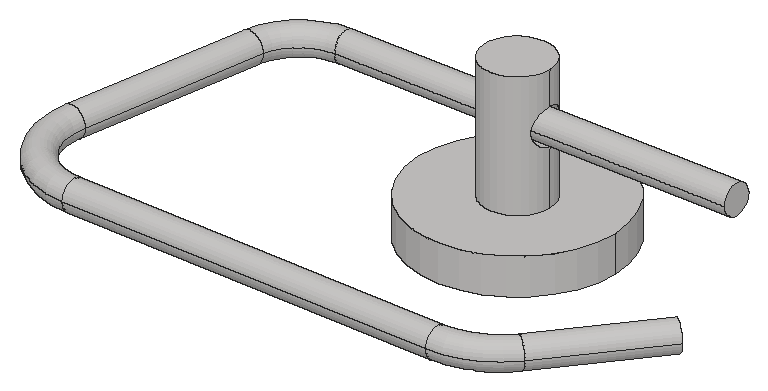
Revit family "Furniture_GroheLimited_Essentials_ToiletPaperHolder_40689001_METRIC", category Furniture, host Face, Revit 2015
Parameters (values of type "40689001")
  _DistributedBy = "www.bimstore.co.uk"
  _CurrentRevision = 1
  _CreatedBy = "www.bimstore.co.uk"
  _BimSpecGuid = 0
  _BSBibleVersion = 14
  _AuthorizedBy = "Kris Atkinson"
  _Author = "RW"
  Waste Connection = no
  WarrantyStartDate [instance] = "Please Record On Commissioning."
  WarrantyGuarantorParts = "info-uk@grohe.com"
  WarrantyGuarantorLabor = "info-uk@grohe.com"
  WarrantyDurationUnit = "Years"
  WarrantyDurationParts = "n/a"
  WarrantyDurationLabor = "n/a"
  WarrantyDescription = "n/a"
  WFU = 0
  Vent Connection = no
  URL = "www.grohe.com"
  TypeName = "Essentials Toilet paper holder"
  Type Comments = "40689001"
  ToiletPaper = Grohe-Toilet Paper
  SpareParts = "n/a"
  Size = "n/a"
  Shape = "n/a"
  SerialNumber [instance] = "Please Record On Commissioning."
  ReplacementCost = "n/a"
  ReferencedStandard = "n/a"
  ProductionYear = "2017"
  ProductPageURL = "https://www.grohe.co.uk/en_gb/essentials-toilet-roll-holder-40689001.html"
  ProductDocumentationLink = "https://cdn.cloud.grohe.com/tpi/1000/1900/1930/1937/1937792/original/1937792.pdf"
  PrimaryMaterial = GroheLimited-Chrome
  PipeMaterial = GroheLimited-Pipework
  PercentageOfRecycledContent = "n/a"
  PaperRoll [instance] = no
  NominalLength = 54 mm
  NominalHeight = 119 mm
  NominalDepth = 44 mm
  NBSReference = "45-35-72/368"
  NBSOfficeMasterTag = "n/a"
  NBSObjectName = "Grohe Limited - Toilet roll holders"
  NBSNote = ""
  NBSDescription = "Toilet roll holders"
  ModelReference = "Essentials Toilet paper holder"
  ModelNumber = "40689001"
  Model = "Essentials Toilet paper holder"
  Material = "Chrome"
  MasterformatTitle = "Sanitary Facilities"
  MasterformatNumber = "01 52 19"
  ManufacturerName = "Grohe Limited"
  Manufacturer = "Grohe Limited"
  LowEmittingMaterial = no
  LEEDCredit = "n/a"
  Keynote = "N13"
  InstallationDate [instance] = "Please Record On Commissioning."
  IndustryStandards = "n/a"
  IfcExportType = "IfcPipeFittingType"
  IfcExportAs = "IfcPipeFitting"
  HotWaterConnectionDiameter = 10 mm
  HWFU = 4.5
  HW Connection = no
  Grade = "n/a"
  Finish = "Chrome"
  Features = "Essentials Toilet paper holder material: metal without cover concealed fastening GROHE StarLight chrome finish"
  ExpectedLife = 0
  Ecojoy = no
  DurationUnit = "Years"
  DocumentationTechnical = "n/a"
  DocumentationMaintenance = "n/a"
  DocumentationLiterature = "n/a"
  DocumentationInstallationGuide = "n/a"
  DocumentationCertificates = "n/a"
  Description = "Essentials Toilet paper holder material: metal without cover concealed fastening GROHE StarLight chrome finish"
  Default Elevation = 0 mm
  CreatedOn = "2017-06-01T09:00:00"
  CreatedBy = "info-uk@grohe.com"
  Cost = 0
  Constituents = "n/a"
  Color = "Chrome"
  ColdWaterConnectionDiameter = 10 mm
  CodePerformance = "n/a"
  ClassificationValue = "Pr_40_20_76_88"
  ClassificationName = "Uniclass2015"
  CWFU = 4.5
  CW Connection = no
  BarCode [instance] = "Please Record On Commissioning."
  BIMObjectName = "Furniture_GroheLimited_Essentials_ToiletPaperHolder_40689001_METRIC"
  AssetType = "Fixed"
  AssetIdentifier [instance] = "Please Record On Commissioning."
  Assembly Code = "D2010"
  AccessibilityPerformance = "n/a"
  ADACompliant = no
Types (10, lengths in mm): name | Type Comments | PrimaryMaterial | ModelNumber | Material | Finish | Color
  (no name) | "40689001" | GroheLimited-Chrome | "40689001" | "Chrome" | "Chrome" | "Chrome"
  40689001 | "40689001" | GroheLimited-Chrome | "40689001" | "Chrome" | "Chrome" | "Chrome"
  40689DA1 | "40689DA1" | GroheLimited-WarmSunset | "40689DA1" | "Warm Sunset" | "Warm Sunset" | "Warm Sunset"
  40689GL1 | "40689GL1" | GroheLimited-CoolSunrise | "40689GL1" | "Cool Sunrise" | "Cool Sunrise" | "Cool Sunrise"
  40689GN1 | "40689GN1" | GroheLimited-BrushedCoolSunrise | "40689GN1" | "Brushed Cool Sunrise" | "Brushed Cool Sunrise" | "Brushed Cool Sunrise"
  40689DL1 | "40689DL1" | GroheLimited-BrushedWarmSunset | "40689DL1" | "Brushed Warm Sunset" | "Brushed Warm Sunset" | "Brushed Warm Sunset"
  40689A01 | "40689A01" | GroheLimited-HardGraphite | "40689A01" | "Hard Graphite" | "Hard Graphite" | "Hard Graphite"
  40689AL1 | "40689AL1" | GroheLimited-BrushedHardGraphite | "40689AL1" | "Brushed Hard Graphite" | "Brushed Hard Graphite" | "Brushed Hard Graphite"
  40689BE1 | "40689BE1" | GroheLimited-Nickel | "40689BE1" | "Polished Nickel" | "Polished Nickel" | "Polished Nickel"
  40689EN1 | "40689EN1" | GroheLimited-BrushedNickel | "40689EN1" | "Brushed Nickel" | "Brushed Nickel" | "Brushed Nickel"
Reference planes
  plane 1 "Center (Front/Back)": y = 0
  plane 2: z = 0
  plane 3 "Center (Left/Right)": x = 0
  plane 4: z = 0
  plane 5 "Logo": z = 10
Forms (mm)
  Sweep 1, solid, material "GroheLimited-Chrome" <- "PrimaryMaterial"
    path in 3D
      loop
        line (60.265, 0, 30) -> (-47.056, 0, 30)
        arc (-47.056, 0, 30) -> (-57.246, -3.664, 30) -> (-62.768, -12.977, 30) r 16
        line (-62.768, -12.977, 30) -> (-72.254, -62.282, 30)
        arc (-72.254, -62.282, 30) -> (-67.929, -79.494, 30) -> (-51.965, -87.247, 30) r 21
        line (-51.965, -87.247, 30) -> (49.137, -88.851, 30)
        arc (49.137, -88.851, 30) -> (58.376, -86.872, 30) -> (65.812, -81.043, 30) r 21
        line (65.812, -81.043, 30) -> (87.503, -54.168, 30)
    profile origin (6.604, 0, 30) x (0, -1, 0) y (0, 0, 1)
      loop
        circle (0, 0) r 4
  Extrusion 2, solid, material "GroheLimited-Chrome" <- "PrimaryMaterial"
    sketch origin (0.415, 0.905, 10) x (1, 0, 0) y (0, 1, 0)
      loop
        circle (-0.415, -0.905) r 9
    from 0 to 34
  Extrusion 3, void
    sketch origin (0.415, 0.905, 0) x (0, 1, 0) y (0, 0, 1)
      loop
        circle (-0.92, 30) r 5
    from -90.135 to 70.136
  Extrusion 4, solid, material "GroheLimited-Chrome" <- "PrimaryMaterial"
    sketch origin (0, 0, 0) x (1, 0, 0) y (0, 1, 0)
      loop
        circle (0, 0) r 27
    from 0 to 10
  Extrusion 5, solid, material "Grohe-Toilet Paper" <- "ToiletPaper", visible <- "PaperRoll", detail levels medium+fine
    sketch origin (0, 0, 0) x (0, 1, 0) y (0, 0, 1)
      loop
        circle (-88.854, 30) r 5
      loop
        arc (-88.854, 1) -> (-83.468, 58.496) -> (-99.437, 3) r 29
        line (-99.437, 3) -> (-125.749, 3) -> (-125.749, 1) -> (-88.854, 1)
    from -50.2 to 49.9
Cuts and joins
  Extrusion 3 cuts Extrusion 2
Lines and regions (mm)
  model lines, not visible, detail levels fine
    curve 1: circle (104.751, -15.868, 4.529) r 1.391 normal (-1, 0, 0)
    curve 2: line (104.751, -14.477, 8.734) -> (104.751, -17.259, 8.734)
    curve 3: line (104.751, -17.259, 8.734) -> (104.751, -17.259, 7.668)
    curve 4: line (104.751, -15.868, 7.668) -> (104.751, -15.868, 8.734)
    curve 5: line (104.751, -14.477, 6.778) -> (104.751, -15.868, 7.668)
    curve 6: arc (104.751, -15.868, 7.668) -> (104.751, -16.564, 6.972) -> (104.751, -17.259, 7.668) r 0.696
    curve 7: arc (104.751, -17.089, 9.568) -> (104.751, -16.213, 11.583) -> (104.751, -14.477, 10.236) r 1.391
    curve 8: line (104.751, -14.477, 9.568) -> (104.751, -14.477, 10.236)
    curve 9: line (104.751, -14.477, 9.568) -> (104.751, -15.583, 9.568)
    curve 10: line (104.751, -14.477, 2.303) -> (104.751, -17.259, 2.303)
    curve 11: line (104.751, -15.868, 2.303) -> (104.751, -15.868, 0.347)
    curve 12: line (104.751, -14.477, -0.488) -> (104.751, -17.259, -0.488)
    curve 13: line (104.751, -17.259, -0.488) -> (104.751, -17.259, -2.444)
    curve 14: line (104.751, -14.477, -2.444) -> (104.751, -14.477, -0.488)
    curve 15: line (104.751, -15.868, -0.488) -> (104.751, -15.868, -1.891)
    curve 16: line (104.751, -17.259, 0.347) -> (104.751, -14.477, 0.347)
    curve 17: line (104.751, -12.83, 11.627) -> (104.751, -12.83, -2.444)
    curve 18: line (104.751, -12.464, 10.992) -> (104.751, -12.407, -1.837)
    curve 19: line (104.751, -11.961, 10.122) -> (104.751, -11.961, -1.083)
  reference lines
    curve 20: line (-62.768, -12.977, 30) -> (-72.254, -62.282, 30)
    curve 21: line (49.137, -88.851, 30) -> (-51.965, -87.247, 30)
    curve 22: line (65.812, -81.043, 30) -> (87.503, -54.168, 30)
    curve 23: line (60.265, 0, 30) -> (-47.056, 0, 30)
    curve 24: arc (-47.056, 0, 30) -> (-57.246, -3.664, 30) -> (-62.768, -12.977, 30) r 16
    curve 25: arc (-72.254, -62.282, 30) -> (-67.929, -79.494, 30) -> (-51.965, -87.247, 30) r 21
    curve 26: arc (49.137, -88.851, 30) -> (58.376, -86.872, 30) -> (65.812, -81.043, 30) r 21
  sketch lines
    curve 27: line (60.265, 0, 30) -> (-47.056, 0, 30)
    curve 28: arc (-47.056, 0, 30) -> (-57.246, -3.664, 30) -> (-62.768, -12.977, 30) r 16
    curve 29: line (-62.768, -12.977, 30) -> (-72.254, -62.282, 30)
    curve 30: arc (-72.254, -62.282, 30) -> (-67.929, -79.494, 30) -> (-51.965, -87.247, 30) r 21
    curve 31: line (49.137, -88.851, 30) -> (-51.965, -87.247, 30)
    curve 32: arc (49.137, -88.851, 30) -> (58.376, -86.872, 30) -> (65.812, -81.043, 30) r 21
    curve 33: line (65.812, -81.043, 30) -> (87.503, -54.168, 30)
  model lines, detail levels fine
    curve 34: circle (0, 18.662, 10) r 1.391 normal (0, 0, 1)
    curve 35: line (-4.205, 17.271, 10) -> (-4.205, 20.053, 10)
    curve 36: line (-4.205, 20.053, 10) -> (-3.139, 20.053, 10)
    curve 37: line (-3.139, 18.662, 10) -> (-4.205, 18.662, 10)
    curve 38: line (-2.249, 17.271, 10) -> (-3.139, 18.662, 10)
    curve 39: arc (-3.139, 18.662, 10) -> (-2.443, 19.358, 10) -> (-3.139, 20.053, 10) r 0.696
    curve 40: arc (-5.04, 19.883, 10) -> (-7.055, 19.007, 10) -> (-5.707, 17.271, 10) r 1.391
    curve 41: line (-5.04, 17.271, 10) -> (-5.707, 17.271, 10)
    curve 42: line (-5.04, 17.271, 10) -> (-5.04, 18.377, 10)
    curve 43: line (2.226, 17.271, 10) -> (2.226, 20.053, 10)
    curve 44: line (2.226, 18.662, 10) -> (4.182, 18.662, 10)
    curve 45: line (5.016, 17.271, 10) -> (5.016, 20.053, 10)
    curve 46: line (5.016, 20.053, 10) -> (6.973, 20.053, 10)
    curve 47: line (6.973, 17.271, 10) -> (5.016, 17.271, 10)
    curve 48: line (5.016, 18.662, 10) -> (6.42, 18.662, 10)
    curve 49: line (4.182, 20.053, 10) -> (4.182, 17.271, 10)
    curve 50: line (-7.098, 15.624, 10) -> (6.973, 15.624, 10)
    curve 51: line (-6.464, 15.258, 10) -> (6.366, 15.201, 10)
    curve 52: line (-5.593, 14.755, 10) -> (5.612, 14.755, 10)
Dimensions and locks
  aligned and locked: plane 2 to host face
  aligned and locked: level to host face
